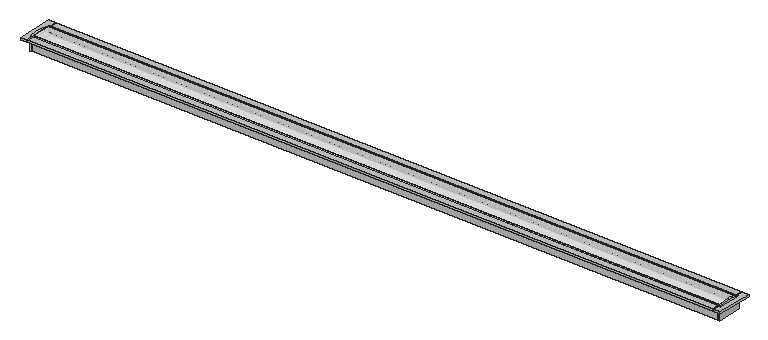
Revit family "Lighting-Luminii-Kendo_L_Recessed new", category Lighting Fixtures, host Face, Revit 2020
Family settings
  Host = Face
  Round Connector Dimension = Use Diameter
  Part Type = Normal
  OmniClass Number = 23.80.70.11.14.11
  OmniClass Title = Downlights
  Cut with Voids When Loaded = No
  Light Source = Yes
  Shared = Yes
  Room Calculation Point = No
Parameters (values of type "Kendo L Recessed")
  Width = 1 27/128"  # constant formula
  Wattage Comments = "7.5 W/ft"
  Wattage = 7.5 W
  Warranty URL = "https://www.luminii.com/terms-conditions/"
  built-in parameter 1150110 = 1 (stored number, unit not read)
  Voltage Comments = "120VAC - 277VAC"  # constant formula
  Voltage = 120 V
  Version = "2020 - v1.0a"  # constant formula
  URL = "https://www.luminii.com/"
  built-in parameter 1114217 = 1 (stored number, unit not read)
  Tilt Angle = -90.00°  # constant formula
  built-in parameter 1150109 = 1 (stored number, unit not read)
  built-in parameter 1150134 = (empty or 0)
  built-in parameter 1150113 = 1 (stored number, unit not read)
  Support Phone = "224-699-9545"  # constant formula
  Support Email = "mailto:support@bimsmith.com"
  Right Endcap [instance] = yes
  Product Page URL = "Consult Manufacturer Website for more Information"
  Power Source Type = "Driver"  # constant formula
  Power Factor = 1
  Photometric Web File = "KL-48-30K-LL72VHO-F.IES"
  Phase = 1
  Operating Temperature = "Consult Manufacturer Website for more Information"  # constant formula
  Number of Poles = if(and(or(Voltage = 120 V, Voltage = 277 V), Phase = 1), 1, if(and(or(Voltage = 208 V, Voltage = 240 V), Phase = 1), 2, if(and(or(Voltage = 208 V, Voltage = 240 V), Phase = 3), 3, if(and(Voltage > 300 V, Phase = 1), 2, if(and(Voltage > 400 V, Phase = 3), 3, 1)))))  # 1
  Mounting Method = "Mounting Options: Hard Surface Mounting Bracket, Gypsum Surface Mounting Bracket, No Bracket"  # constant formula
  Model = "KRL"  # constant formula
  Manufacturer Phone Number = "403-216-7043"  # constant formula
  Manufacturer Email = "mailto: info@sensolighting.com"
  Manufacturer Address = "302 50 Ave SE. Calgary, Alberta, T2G 2A9 Canada"  # constant formula
  Manufacturer = "Luminii"  # constant formula
  built-in parameter 1150105 = 64.458 (stored number, unit not read)
  Lumens = 810 lm
  Luminaire Type = "Linear Illumination System"  # constant formula
  built-in parameter 1150115 = 1 (stored number, unit not read)
  Load Classification = Lighting
  built-in parameter 1150137 = (empty or 0)
  built-in parameter 1150139 = (empty or 0)
  Lens Material = Plastic - Luminii - Frosted Lens
  Length [instance] = if(Desired Length < 12", 12", if(Desired Length > 144", 144", (round(Desired Length / 2")) * 2"))  # 24"
  Left Endcap [instance] = yes
  built-in parameter 1150112 = 1 (stored number, unit not read)
  built-in parameter 1150114 = 1 (stored number, unit not read)
  Lamp Life = 1
  Lamp = "LED"  # constant formula
  Keynote = "26 50 00"
  built-in parameter 1150132 = (empty or 0)
  built-in parameter 1150102 = (empty or 0)
  built-in parameter 1150107 = 3000 (stored number, unit not read)
  Initial Color Comments = "Perfomance based on 3000K Photometric Web File"  # constant formula
  built-in parameter 1150138 = (empty or 0)
  built-in parameter 1150106 = 0.64458 (stored number, unit not read)
  Housing Protection Rating = "Consult Manufacturer Website for more Information"  # constant formula
  Height = 113/256"  # constant formula
  Has Dimming = 1 = 1  # yes
  Has Battery Backup = 0 = 1  # no
  Frequency Comments = ""  # constant formula
  Frequency = 60 Hz
  Finish = Metal - Luminii - Silver Anodized Aluminum
  Environment = "Indoor"  # constant formula
  Emit from Line Length = 48"
  built-in parameter 1150104 = 10.034 (stored number, unit not read)
  Dimming Type = "Consult Manufacturer Website for more Information"  # constant formula
  Dimming Lamp Color Temperature Shift = <None>
  Desired Length [instance] = 24"
  Description = "Linear Illumination System"  # constant formula
  Default Elevation = 0"  # constant formula
  Current Amps = 50 A
  Copyright = "©2024 Luminii"  # constant formula
  Control Zone = "Consult Manufacturer Website for more Information"  # constant formula
  Control Type = "Consult Manufacturer Website for more Information"  # constant formula
  Constraints = 1  # constant formula
  Color Filter = 16777215
  built-in parameter 1114216 [instance] = 0  # (empty or 0)
  built-in parameter 1140040 [instance] = 1 = 1  # 1
  CCT = "3000K"
  C Right End [instance] = if(Right Endcap, 61/256", 0")  # 61/256"
  C Left End [instance] = if(Left Endcap, 61/256", 0")  # 61/256"
  built-in parameter 1114218 = 1 (stored number, unit not read)
  built-in parameter 1150133 = 10 (stored number, unit not read)
  Assembly Code = "D5040.50"
  Apparent Load = Wattage / Power Factor  # 7.5 VA
Reference planes (in)
  plane 1 "Center (Front/Back)": y = 0
  plane 2: z = 0
  plane 3 "Center (Left/Right)": x = 0
  plane 4: x = 0
  plane 5: x = 0
  plane 6: y = 0.60547
  plane 7: y = -0.60547
  plane 8: x = -12
  plane 9: x = 12
  plane 10: z = -0.38041
  plane 11: z = 0.061
Forms (in)
  Extrusion 1, solid, material "Metal - Luminii - Silver Anodized Aluminum", not visible
    sketch origin (0, 0, -0.01563) x (1, 0, 0) y (0, 1, 0)
      loop
        circle (0, 0) r 0.03125
    from -0.36478 to -0.33299
  Extrusion 2, void
    sketch origin (0, 1.24288, 2.36) x (0, 1, 0) y (-1, 0, 0)
      loop
        line (-0.63742, 11.76172) -> (-1.84835, 11.76172) -> (-1.84835, -11.76172) -> (-0.63742, -11.76172) -> (-0.63742, 11.76172)
    from -2.74041 to -2.36
Dimensions and locks (in)
  equal spacing: plane 4, plane 3 "Center (Left/Right)", plane 5
  equal spacing: plane 6, plane 1 "Center (Front/Back)", plane 7
  plane 4 to plane 5 = 0"
  "Width": plane 6 to plane 7
  equal spacing: plane 8, plane 3 "Center (Left/Right)", plane 9
  "Length": plane 8 to plane 9
  plane 2 to Extrusion 1 = 0.34861"
  locked: plane 11 to plane 2 at 0.061
  "Height": plane 10 to plane 11
  locked: plane 10 to Extrusion 1 at 0.03179
  plane 1 "Center (Front/Back)" to imposter light = 0"
  "C Right End": Extrusion 2 sketch curve to plane 9
  "C Left End": plane 8 to Extrusion 2 sketch curve
  aligned and locked: plane 2 to host face
  aligned and locked: plane 3 "Center (Left/Right)" to Extrusion 1 sketch curve
  aligned and locked: imposter light to plane 3 "Center (Left/Right)"
  aligned and locked: plane 1 "Center (Front/Back)" to Extrusion 1 sketch curve
  aligned and locked: plane 10 to Extrusion 1
  aligned and locked: plane 10 to Extrusion 2
  aligned and locked: plane 2 to Extrusion 2
  aligned and locked: Extrusion 2 sketch curve to plane 6
  aligned and locked: plane 7 to Extrusion 2 sketch curve
  aligned and locked: imposter light to plane 11
  aligned and locked: plane 1 "Center (Front/Back)" to imposter light
Automatic sketch dimensions
  host sketch curve to host sketch curve = 96"  (x2)
  radius of Extrusion 1 sketch curve = 1/32"
Nested families (in)
  nested 1: "Nested Lamp" at (0, 0, 0), type "Nested Lamp"
Connectors (in)
  electrical at (0, 0, -0.38041), driven by "Number of Poles", driven by "Load Classification", driven by "Voltage", driven by "Apparent Load", driven by "Power Factor"
    settings: on Extrusion 1, index 1, voltage 120 V, apparent load 7.5 VA, apparent load phase1 0 VA, apparent load phase2 0 VA, apparent load phase3 0 VA, power factor 1, load classification "Lighting", number of poles 1, system type 30, power factor state 1, is connector primary yes, connector utility no, sub classification motor no, connector description "Power Connection"
Definition of nested family "Nested Lamp"
  Parameters (values of type "Nested Lamp")
    Right Cap = yes
    Lens = none
    Length = 24"
    Left Cap = yes
    Finish = none
    Default Elevation = 48"
    C Right Endcap = if(Right Cap, 61/256", 0")  # 61/256"
    C Left Endcap = if(Left Cap, 61/256", 0")  # 61/256"
  Reference planes (in)
    plane 1 "Center (Front/Back)": y = 0
    plane 2: z = 0
    plane 3 "Center (Left/Right)": x = 0
    plane 4: x = -11.76172
    plane 5: x = 11.76172
    plane 6: x = 12
    plane 7: x = -12
  Forms (in)
    Extrusion 1, solid
      sketch origin (0, 0, 0) x (1, 0, 0) y (0, 1, 0)
        loop
          line (-48, 48) -> (-48, -48) -> (48, -48) -> (48, 48) -> (-48, 48)
      from 0 to -12
    Sweep 2, solid, material <- "Finish", detail levels coarse
      path origin (0, 0, 0) x (1, 0, 0) y (0, 1, 0)
        loop
          line (-11.76172, 0) -> (11.76172, 0)
      profile origin (0, 0, 0) x (0, 1, 0) y (0, 0, 1)
        loop
          line (0.604, 0.06295) -> (0.3675, 0.06295) -> (0.3675, -0.17915) -> (-0.3675, -0.17915) -> (-0.3675, 0.06295) -> (-0.604, 0.06295) -> (-0.604, 0) -> (-0.416, 0) -> (-0.416, -0.355) -> (0.416, -0.355) -> (0.416, 0) -> (0.604, 0) -> (0.604, 0.06295)
    Sweep 3, solid, material <- "Lens", detail levels medium+fine
      path origin (0, 0, 0) x (1, 0, 0) y (0, 1, 0)
        loop
          line (-11.76172, 0) -> (11.76172, 0)
      profile origin (0, 0, 0) x (0, 1, 0) y (0, 0, 1)
        loop
          arc (0.32698, 0.05691) -> (-0.00018, 0.0827) -> (-0.32734, 0.05691) r 2.08809
          arc (-0.32734, 0.05691) -> (-0.34957, 0.04305) -> (-0.35575, 0.01728) r 0.03463
          line (-0.35575, 0.01728) -> (-0.3246, 0.02055)
          arc (-0.3246, 0.02055) -> (-0.30148, 0.01073) -> (-0.29755, -0.01408) r 0.02591
          line (-0.29755, -0.01408) -> (-0.33041, -0.08455)
          arc (-0.33041, -0.08455) -> (-0.32218, -0.10714) -> (-0.29959, -0.09892) r 0.017
          line (-0.29959, -0.09892) -> (-0.26402, -0.02264)
          arc (-0.26402, -0.02264) -> (-0.2597, 0.0037) -> (-0.26973, 0.02845) r 0.04937
          arc (-0.26973, 0.02845) -> (0.00001, 0.04355) -> (0.26976, 0.02849) r 2.41865
          arc (0.26976, 0.02849) -> (0.2597, 0.00373) -> (0.26402, -0.02264) r 0.04937
          line (0.26402, -0.02264) -> (0.29959, -0.09892)
          arc (0.29959, -0.09892) -> (0.32218, -0.10714) -> (0.33041, -0.08455) r 0.017
          line (0.33041, -0.08455) -> (0.29755, -0.01408)
          arc (0.29755, -0.01408) -> (0.30148, 0.01073) -> (0.3246, 0.02055) r 0.02591
          line (0.3246, 0.02055) -> (0.35575, 0.01728)
          arc (0.35575, 0.01728) -> (0.34957, 0.04305) -> (0.32698, 0.05691) r 0.03463
    Sweep 4, solid, material <- "Finish", detail levels medium+fine
      path origin (0, 0, 0) x (1, 0, 0) y (0, 1, 0)
        loop
          line (-11.76172, 0) -> (11.76172, 0)
      profile origin (0, 0, 0) x (0, 1, 0) y (0, 0, 1)
        loop
          line (0.416, 0) -> (0.604, 0) -> (0.604, 0.06295) -> (0.3675, 0.06295) -> (0.3675, 0) -> (0.32916, 0.01788)
          arc (0.32916, 0.01788) -> (0.30484, 0.01104) -> (0.30798, -0.01402) r 0.01936
          arc (0.30798, -0.01402) -> (0.32222, -0.06357) -> (0.3186, -0.115) r 0.14806
          line (0.3186, -0.115) -> (0.35, -0.115) -> (0.35, -0.17915) -> (-0.35, -0.17915) -> (-0.35, -0.115) -> (-0.3186, -0.115)
          arc (-0.3186, -0.115) -> (-0.32222, -0.06357) -> (-0.30798, -0.01402) r 0.14806
          arc (-0.30798, -0.01402) -> (-0.30484, 0.01104) -> (-0.32916, 0.01788) r 0.01936
          line (-0.32916, 0.01788) -> (-0.3675, 0) -> (-0.3675, 0.06295) -> (-0.604, 0.06295) -> (-0.604, 0) -> (-0.416, 0) -> (-0.416, -0.355) -> (-0.296, -0.355) -> (-0.296, -0.295) -> (-0.356, -0.295) -> (-0.356, -0.235) -> (0.356, -0.235) -> (0.356, -0.295) -> (0.296, -0.295) -> (0.296, -0.355) -> (0.416, -0.355) -> (0.416, 0)
    Sweep 5, solid, material <- "Lens", detail levels coarse
      path origin (0, 0, 0) x (1, 0, 0) y (0, 1, 0)
        loop
          line (-11.76172, 0) -> (11.76172, 0)
      profile origin (0, 0, 0) x (0, 1, 0) y (0, 0, 1)
        loop
          line (0.3675, -0.17915) -> (0.3675, 0.06295) -> (-0.3675, 0.06295) -> (-0.3675, -0.17915) -> (0.3675, -0.17915)
    Sweep 6, solid, material <- "Finish", visible <- "Right Cap"
      path origin (0, 0, 0) x (1, 0, 0) y (0, 1, 0)
        loop
          line (11.76172, 0) -> (11.82172, 0)
      profile origin (11.79172, 0, 0) x (0, 1, 0) y (0, 0, 1)
        loop
          line (0.416, 0) -> (0.3675, 0) -> (0.3675, 0.06295)
          arc (0.3675, 0.06295) -> (0, 0.10764) -> (-0.3675, 0.06295) r 1.53323
          line (-0.3675, 0.06295) -> (-0.3675, 0) -> (-0.416, 0) -> (-0.416, -0.355) -> (0.416, -0.355) -> (0.416, 0)
    Sweep 7, solid, material <- "Finish", visible <- "Left Cap"
      path origin (0, 0, 0) x (-1, 0, 0) y (0, 1, 0)
        loop
          line (11.76172, 0) -> (11.8125, 0)
      profile origin (-11.78711, 0, 0) x (0, -1, 0) y (0, 0, 1)
        loop
          line (-0.416, 0) -> (-0.416, -0.355) -> (0.416, -0.355) -> (0.416, 0) -> (0.3675, 0) -> (0.3675, 0.06295)
          arc (0.3675, 0.06295) -> (0, 0.10764) -> (-0.3675, 0.06295) r 1.53323
          line (-0.3675, 0.06295) -> (-0.3675, 0) -> (-0.416, 0)
    Extrusion 8, solid, material <- "Finish", visible <- "Right Cap"
      sketch origin (0, 0, 0) x (1, 0, 0) y (0, 1, 0)
        loop
          line (11.76172, 0.604) -> (11.76172, -0.604) -> (12, -0.604) -> (12, 0.604) -> (11.76172, 0.604)
      from 0 to 0.06295
    Extrusion 9, solid, material <- "Finish", visible <- "Left Cap"
      sketch origin (0, 0, 0) x (-1, 0, 0) y (0, -1, 0)
        loop
          line (11.76172, -0.604) -> (12, -0.604) -> (12, 0.604) -> (11.76172, 0.604) -> (11.76172, -0.604)
      from 0 to 0.06295
  Dimensions and locks (in)
    "Length": plane 7 to plane 6
    "C Left Endcap": plane 7 to plane 4
    "C Right Endcap": plane 5 to plane 6
    equal spacing: plane 7, plane 3 "Center (Left/Right)", plane 6
    Sweep 6 sketch curve to Sweep 6 sketch curve to plane 6 = 0.06" locked, 0.17828" locked
    Sweep 7 sketch curve to plane 4 to Sweep 7 sketch curve = 13/256" locked, 0" locked
    locked: Extrusion 8 sketch curve to plane 6 at 0.23828
    locked: Extrusion 8 to plane 2 at 0.06295
    locked: plane 7 to Extrusion 9 sketch curve at 0.23828
    locked: Extrusion 9 to plane 2 at 0.06295
    aligned and locked: plane 2 to Extrusion 1
    aligned and locked: level to Extrusion 1
    aligned and locked: plane 4 to Sweep 2 sketch curve
    aligned and locked: plane 1 "Center (Front/Back)" to Sweep 2 sketch curve
    aligned and locked: plane 5 to Sweep 2 sketch curve
    aligned and locked: plane 5 to Sweep 3 sketch curve
    aligned and locked: plane 4 to Sweep 3 sketch curve
    aligned and locked: plane 1 "Center (Front/Back)" to Sweep 3 sketch curve
    aligned and locked: plane 1 "Center (Front/Back)" to Sweep 6 sketch curve
    aligned and locked: Sweep 7 sketch curve to plane 1 "Center (Front/Back)"
    aligned and locked: Extrusion 8 sketch curve to plane 6
    aligned and locked: Extrusion 8 to plane 2
    aligned and locked: plane 7 to Extrusion 9 sketch curve
    aligned and locked: Extrusion 9 to plane 2
    aligned and locked: plane 7 to Extrusion 9
  Automatic sketch dimensions
    Extrusion 1 sketch curve to Extrusion 1 sketch curve = 96"  (x2)
    plane 1 "Center (Front/Back)" to Sweep 4 sketch curve = 0"
    Sweep 4 sketch curve to plane 4 = 0"
    Sweep 4 sketch curve to plane 5 = 0"
    plane 1 "Center (Front/Back)" to Sweep 5 sketch curve = 0"
    Sweep 5 sketch curve to plane 4 = 0"
    Sweep 5 sketch curve to plane 5 = 0"
    level to Sweep 5 sketch curve = 0.06295"
    profile plane to Sweep 5 sketch curve = 0.3675"  (x2)
    Sweep 5 sketch curve to profile plane = 0.3675"  (x2)
    Sweep 5 sketch curve to level = 0.17915"
    plane 1 "Center (Front/Back)" to Extrusion 8 sketch curve = 0.604"
    Extrusion 8 sketch curve to plane 1 "Center (Front/Back)" = 0.604"
    Extrusion 9 sketch curve to plane 1 "Center (Front/Back)" = 0.604"
    plane 1 "Center (Front/Back)" to Extrusion 9 sketch curve = 0.604"
    Sweep 4 sketch curve to level = 0"  (x4)
    profile plane to Sweep 4 sketch curve = 0.604"
    Sweep 4 sketch curve to Sweep 4 sketch curve = 0.188"  (x2)
    Sweep 4 sketch curve to Sweep 4 sketch curve = 0.0485"
    Sweep 4 sketch curve to Sweep 4 sketch curve = 0.06"  (x8)
    Sweep 4 sketch curve to Sweep 4 sketch curve = 0.006"
    level to Sweep 4 sketch curve = 0.01788"  (x2)
    Sweep 4 sketch curve to Sweep 4 sketch curve = 0.03834"  (x2)
    level to Sweep 4 sketch curve = 0.00034"  (x2)
    Sweep 4 sketch curve to Sweep 4 sketch curve = 0.00818"  (x2)
    Sweep 4 sketch curve to Sweep 4 sketch curve = 0.0314"  (x2)
    Sweep 4 sketch curve to Sweep 4 sketch curve = 0.14362"  (x2)
    Sweep 4 sketch curve to level = 0.07905"  (x2)
    Sweep 4 sketch curve to profile plane = 0.17497"
    Sweep 4 sketch curve to profile plane = 0.296"
    Sweep 4 sketch curve to Sweep 4 sketch curve = 0.00238"
    Sweep 4 sketch curve to level = 0.115"  (x2)
    Sweep 4 sketch curve to Sweep 4 sketch curve = 0.06415"
    Sweep 4 sketch curve to Sweep 4 sketch curve = 0.05585"
    level to Sweep 4 sketch curve = 0.06295"
    Sweep 4 sketch curve to Sweep 4 sketch curve = 0.04507"
    Sweep 2 sketch curve to level = 0"  (x2)
    level to Sweep 2 sketch curve = 0.06295"  (x2)
    profile plane to Sweep 2 sketch curve = 0.604"
    Sweep 2 sketch curve to Sweep 2 sketch curve = 0.188"  (x2)
    Sweep 2 sketch curve to Sweep 2 sketch curve = 0.0485"  (x2)
    Sweep 2 sketch curve to level = 0.17915"
    Sweep 2 sketch curve to profile plane = 0.3675"
    Sweep 2 sketch curve to Sweep 2 sketch curve = 0.17585"
    level to Sweep 3 sketch curve = 0.01728"  (x2)
    profile plane to Sweep 3 sketch curve = 0.35575"
    Sweep 3 sketch curve to level = 0.08455"  (x2)
    Sweep 3 sketch curve to Sweep 3 sketch curve = 0.02534"
    level to Sweep 3 sketch curve = 0.02055"  (x2)
    Sweep 3 sketch curve to Sweep 3 sketch curve = 0.03115"  (x2)
    Sweep 3 sketch curve to level = 0.00522"  (x2)
    Sweep 3 sketch curve to Sweep 3 sketch curve = 0.00271"
    Sweep 3 sketch curve to Sweep 3 sketch curve = 0.00305"
    Sweep 3 sketch curve to Sweep 3 sketch curve = 0.01541"  (x4)
    Sweep 3 sketch curve to level = 0.00178"  (x2)
    Sweep 3 sketch curve to Sweep 3 sketch curve = 0.01312"  (x2)
    Sweep 3 sketch curve to level = 0.09892"  (x2)
    Sweep 3 sketch curve to level = 0.01408"  (x2)
    Sweep 3 sketch curve to level = 0.02264"  (x2)
    Sweep 3 sketch curve to Sweep 3 sketch curve = 0.03352"  (x2)
    profile plane to Sweep 3 sketch curve = 0.00018"
    Sweep 3 sketch curve to profile plane = 0.00019"
    Sweep 3 sketch curve to profile plane = 0.26402"
    Sweep 3 sketch curve to Sweep 3 sketch curve = 0.03557"
    Sweep 3 sketch curve to Sweep 3 sketch curve = 0.01123"
    Sweep 3 sketch curve to Sweep 3 sketch curve = 0.01278"
    Sweep 3 sketch curve to Sweep 3 sketch curve = 1.90647"
    Sweep 3 sketch curve to Sweep 3 sketch curve = 0.36971"
    Sweep 3 sketch curve to Sweep 3 sketch curve = 0.00216"  (x2)
    Sweep 3 sketch curve to Sweep 3 sketch curve = 0.00578"
    Sweep 3 sketch curve to Sweep 3 sketch curve = 0.00036"
    level to Sweep 3 sketch curve = 0.02845"
    Sweep 3 sketch curve to Sweep 3 sketch curve = 0"
    Sweep 6 sketch curve to level = 0"  (x2)
    Sweep 6 sketch curve to profile plane = 0"
    level to Sweep 6 sketch curve = 0.06295"
    profile plane to Sweep 6 sketch curve = 0.3675"
    Sweep 6 sketch curve to Sweep 6 sketch curve = 0.0485"  (x2)
    Sweep 6 sketch curve to profile plane = 0.3675"
    Sweep 6 sketch curve to Sweep 6 sketch curve = 0.355"
    Sweep 6 sketch curve to Sweep 6 sketch curve = 1.07059"
    Sweep 7 sketch curve to level = 0"  (x2)
    Sweep 7 sketch curve to profile plane = 0"
    profile plane to Sweep 7 sketch curve = 0.3675"
    Sweep 7 sketch curve to Sweep 7 sketch curve = 0.0485"  (x2)
    Sweep 7 sketch curve to profile plane = 0.3675"
    Sweep 7 sketch curve to Sweep 7 sketch curve = 0.355"
    Sweep 7 sketch curve to Sweep 7 sketch curve = 1.07059"
    level to Sweep 7 sketch curve = 0.06295"
